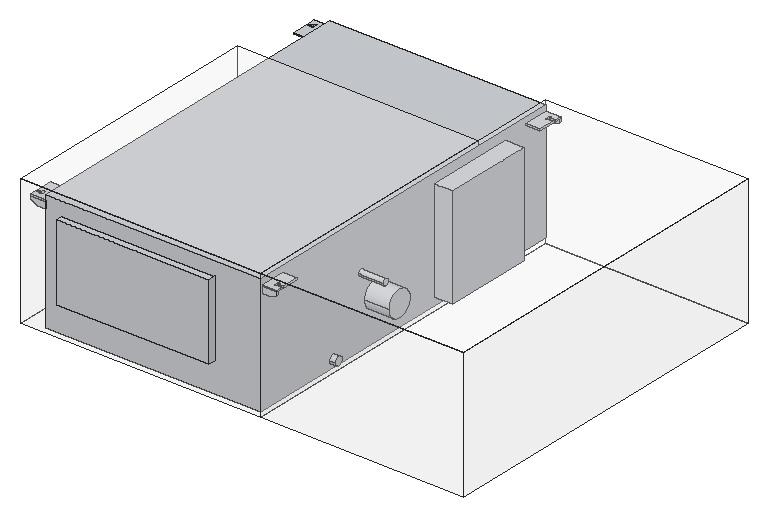
Revit family "ge-p1080_2100mg7_50Hz", category 機械設備, Revit 2019
Family settings
  丸型コネクタ寸法 = 直径を使用
  パーツ タイプ = 標準
  OmniClass 番号 = 23.75.10.24.21.27.27
  OmniClass タイトル = Split System Air Conditioning Units
  作業面ベース = いいえ
  常に垂直 = はい
  ロード時にボイドで切り取り = いいえ
  共有 = いいえ
  部屋計算ポイント = はい
Parameters (values of type "GE-P1080MG7")
  風量 = 1080.0 m³/h
  音響パワーレベル(dB) = 63
  電源種別 = ""
  電圧_電気ヒーター = 0 V
  電圧 = 200 V
  電動機出力_送風機 = 200 W
  運転質量 = 0.00 kg
  連動 = ""
  質量 = if(製品質量 > 運転質量, 製品質量, 運転質量) * 1.2  # 116.40 kg
  負荷分類 = 10_ファンコイル類
  説明 = "ビル用マルチエアコン 室内ユニット 天井埋込外気処理"
  設計暖房能力 [instance] = 0 kW
  設計冷房能力_顕熱 [instance] = 0 kW
  設計冷房能力 [instance] = 0 kW
  設置方法 = "天井吊形"
  記号 [instance] = ""
  製造元 = "三菱電機株式会社"
  製品質量 = 97.00 kg
  製品出荷対象 = "国内"
  製品リリース年月 = "2020年7月22日"
  製品グループ = ""
  給気量 = 0.0 m³/h
  系統 [instance] = ""
  符号 = "ACP-CIO"
  積算_科目 = "1 空気調和設備"
  積算_拾い区分 [instance] = ""
  相_電気ヒーター = 1
  相 = 1
  盤記号 [instance] = ""
  発停方法 = ""
  特殊仕様 [instance] = ""
  火災停止 = ""
  消費電力_電気ヒーター = 0 W
  消費電力_暖房 = 240 W
  消費電力_加湿器 = 0 W
  消費電力_冷房 = 240 W
  消費電力 = if(消費電力_冷房 > 消費電力_暖房, 消費電力_冷房, 消費電力_暖房) + 消費電力_加湿器 + 消費電力_電気ヒーター  # 240 W
  法定耐用年数 = "15"
  機外静圧 = 210.0 Pa
  極数 = 1
  材質 [instance] = ""
  本体マテリアル = none
  有効加湿量 = 8.3
  暖房能力 = 13.7 kW
  排気量 = 0.0 m³/h
  形式_加湿器 = ""
  形式 = "外気処理エアコン(天井吊形)"
  幹線記号 [instance] = ""
  始動方式 = "直入"
  外気量 = 0.0 m³/h
  呼称 = "室内機_外気処理エアコン(天井吊形)"
  周波数 = 50 Hz
  台数_手元リモコン [instance] = ""
  台数_冷媒分岐ユニット [instance] = ""
  参照している仕様書等のバージョン = "公共建築工事標準仕様書（機械設備工事編）平成31年度版"
  加湿給水管径 = 21.70 mm
  分類コード = "50053003221160"
  分類グループ = ""
  冷房能力 = 14 kW
  冷媒高低圧ガス管径 = 0.00 mm
  冷媒管径符号 = "Bd"
  冷媒管径 = 100.00 mm
  冷媒液管径 = 9.52 mm
  冷媒ガス管径 = 15.88 mm
  企業コード = "108420"
  付属品_フィルター = ""
  付属品 [instance] = ""
  仕様書バージョン = "Version1.0"
  モデル = "GE-P1080MG7"
  ドレン管径 = 32.00 mm
  ダクト2高 = 400 mm
  ダクト2幅 = 700 mm
  ダクト1高 = 300 mm
  ダクト1幅 = 600 mm
  コメント [instance] = ""
  Keynote = ""
  エンタルピ交換効率_暖房 [instance] = 0.00%
  エンタルピ交換効率_冷房 [instance] = 0.00%
  j = 25 mm  # constant formula
  h = 25 mm  # constant formula
  Width = 850 mm
  Version = ""
  Uniclass2015Version = "Systems v1.9"
  Uniclass2015Title = "Split coil remote air cooled condensing units"
  Uniclass2015Code = "Pr_70_65_03_84"
  URL = "https://www.mitsubishielectric.co.jp/ldg/wink/ssl/displayProduct.do?pid=307549"
  SpecificationReference = ""
  SpecificationDescription = ""
  Revision = ""
  ProductInformation = ""
  OmniClassCode = "23-33 17 13 11"
  L = 950 mm
  IfcTypeProduct = ""
  IfcProduct = ""
  IfcExportType = "AIRCONDITIONINGUNIT"
  IfcExportAs = "IfcUnitaryEquipmentType"
  Height = 470 mm
  Depth = 1400 mm
  Author = "三菱電機株式会社"
Types (3, lengths in mm): name | 風量 | 音響パワーレベル(dB) | 電動機出力_送風機 | 質量 | 製品質量 | 消費電力_暖房 | 消費電力_冷房 | 消費電力 | 機外静圧 | 有効加湿量 | 暖房能力 | 冷房能力 | 冷媒管径符号 | 冷媒ガス管径 | モデル | ダクト2幅 | ダクト1幅 | Width | URL | L
  GE-P1080MG7 | 1080.0 m³/h | 63 | 200 W | 116.40 kg | 97.00 kg | 240 W | 240 W | 240 W | 210.0 Pa | 8.3 | 13.7 kW | 14 kW | "Bd" | 15.88 | "GE-P1080MG7" | 700 | 600 | 850 | "https://www.mitsubishielectric.co.jp/ldg/wink/ssl/displayProduct.do?pid=307549" | 950
  GE-P1680MG7 | 1680.0 m³/h | 67 | 400 W | 136.80 kg | 114.00 kg | 420 W | 420 W | 420 W | 210.0 Pa | 13 | 21.2 kW | 22.4 kW | "Be" | 19.05 | "GE-P1680MG7" | 1100 | 1000 | 1250 | "https://www.mitsubishielectric.co.jp/ldg/wink/ssl/displayProduct.do?pid=307550" | 1350
  GE-P2100MG7 | 2100.0 m³/h | 71 | 400 W | 145.20 kg | 121.00 kg | 490 W | 490 W | 490 W | 170.0 Pa | 16.2 | 26.5 kW | 28 kW | "Bf" | 22.20 | "GE-P2100MG7" | 1100 | 1000 | 1250 | "https://www.mitsubishielectric.co.jp/ldg/wink/ssl/displayProduct.do?pid=307551" | 1350
Reference planes
  plane 1 "中心(正面/背面)": y = 0
  plane 2: z = 0
  plane 3 "中心(左/右)": x = 0
  plane 4 "左": x = -425
  plane 5 "右": x = 425
  plane 6 "正面": y = -700
  plane 7 "背面": y = 700
  plane 8: z = 470
  plane 9: z = 210
  plane 10: z = 153
  plane 11: z = 235
  plane 12: x = 625
  plane 13: x = -525
  plane 14: y = 370
  plane 15: y = -900
  plane 16: z = 490
  plane 17: z = -20
  plane 18: y = 725
  plane 19: y = -725
  plane 20: x = 1225
Lines and regions (mm)
  Masking region 1, detail levels coarse+medium
    outline origin (0, 0, 0) x (1, 0, 0) y (0, 1, 0)
      loop
        line (-425, 700) -> (-425, -700) -> (425, -700) -> (425, 700) -> (-425, 700)
  Masking region 2, detail levels coarse+medium
    outline origin (0, 0, 0) x (1, 0, 0) y (0, 1, 0)
      loop
        line (-425, 700) -> (-425, -700) -> (425, -700) -> (425, 700) -> (-425, 700)
  reference lines
    curve 1: line (0, 700, 0) -> (-425, 0, 0)
    curve 2: line (-425, 0, 0) -> (0, -700, 0)
    curve 3: line (425, 0, 0) -> (0, 700, 0)
    curve 4: line (0, -700, 0) -> (425, 0, 0)
  symbolic lines, detail levels coarse+medium
    curve 5: line (0, 700, 0) -> (-425, 0, 0)
    curve 6: line (-425, 0, 0) -> (0, -700, 0)
    curve 7: line (0, -700, 0) -> (425, 0, 0)
    curve 8: line (425, 0, 0) -> (0, 700, 0)
Dimensions and locks
  "Height": plane 8 to level
  equal spacing: plane 4 "左", plane 3 "中心(左/右)", plane 5 "右"
  "Width": plane 4 "左" to plane 5 "右"
  equal spacing: plane 6 "正面", plane 1 "中心(正面/背面)", plane 7 "背面"
  "Depth": plane 6 "正面" to plane 7 "背面"
  locked: plane 9 to level at 210
  locked: plane 10 to level at 153
  locked: plane 11 to level at 235
  locked: plane 16 to plane 8 at 20
  locked: plane 2 to plane 17 at 20
  locked: plane 6 "正面" to plane 14 at 1070
  "L": plane 13 to plane 5 "右"
  "h": plane 19 to plane 6 "正面"
  "j": plane 7 "背面" to plane 18
  locked: plane 12 to plane 20 at 600
  locked: plane 5 "右" to plane 20 at 800
  aligned and locked: level to plane 2
  aligned and locked: plane 6 "正面" to nested 2
  aligned and locked: plane 14 to nested 2
  aligned and locked: plane 16 to nested 3
  aligned and locked: plane 17 to nested 3
  aligned and locked: plane 16 to nested 2
  aligned and locked: plane 17 to nested 2
  aligned and locked: nested 1 to plane 1 "中心(正面/背面)"
  aligned and locked: plane 3 "中心(左/右)" to nested 1
  aligned and locked: plane 5 "右" to nested 2
  aligned and locked: plane 13 to nested 2
  aligned and locked: plane 7 "背面" to nested 3
  aligned and locked: plane 5 "右" to nested 3
  aligned and locked: plane 6 "正面" to nested 3
  aligned and locked: plane 20 to nested 3
Automatic sketch dimensions
  Masking region 1 sketch curve to plane 4 "左" = 0 mm
  Masking region 1 sketch curve to plane 5 "右" = 0 mm
  plane 6 "正面" to Masking region 1 sketch curve = 0 mm
  plane 7 "背面" to Masking region 1 sketch curve = 0 mm
  Masking region 2 sketch curve to plane 4 "左" = 0 mm
  Masking region 2 sketch curve to plane 5 "右" = 0 mm
  plane 6 "正面" to Masking region 2 sketch curve = 0 mm
  plane 7 "背面" to Masking region 2 sketch curve = 0 mm
  plane 1 "中心(正面/背面)" to curve 1 = 0 mm
  curve 1 to plane 4 "左" = 0 mm
  curve 2 to plane 3 "中心(左/右)" = 0 mm
  curve 3 to plane 3 "中心(左/右)" = 0 mm
  plane 1 "中心(正面/背面)" to curve 3 = 0 mm
  curve 3 to plane 5 "右" = 0 mm
  plane 6 "正面" to curve 2 = 0 mm
  plane 7 "背面" to curve 3 = 0 mm
  plane 1 "中心(正面/背面)" to curve 5 = 0 mm
  curve 5 to plane 4 "左" = 0 mm
  curve 6 to plane 3 "中心(左/右)" = 0 mm
  curve 8 to plane 3 "中心(左/右)" = 0 mm
  plane 1 "中心(正面/背面)" to curve 7 = 0 mm
  curve 7 to plane 5 "右" = 0 mm
  plane 6 "正面" to curve 6 = 0 mm
  plane 7 "背面" to curve 5 = 0 mm
Nested families
  nested 1: "GE-P-MG7" at (0, 0, 0) x (0, 1, 0) z (0, 0, 1), H <- "Height", 加湿器径 <- "加湿給水管径", D <- "Width", W <- "Depth", type "GE-P-MG7"
    with 配管径 100 mm, 液径 9.52 mm, 液W 96 mm, 液H 40 mm, 液D 100 mm, 吊りボルトW 1338 mm, 吊りボルトH 20 mm, 吊りボルトD 925 mm, 加湿器径 21.7 mm, 加湿器W 488 mm, 加湿器H 280 mm, 加湿器D 100 mm, ドレン径 32 mm, ドレンW 350 mm, ドレンH 35 mm, ドレンD 25 mm, ガス径 15.88 mm, ガスW 604 mm, ガスH 155 mm, ガスD 100 mm, W 1400 mm, J ダクトW 700 mm, J ダクトH 400 mm, H 470 mm, G ダクトW 600 mm, G ダクトH 300 mm, D 850 mm, C 985 mm
  nested 2: "サービススペース(GE-P-MG7)" at (-50, -165, 235), type "サービススペース(GE-P-MG7)"
    with Width 950 mm, Height 510 mm, Depth 1070 mm
  nested 3: "サービススペース(GE-P-MG7)" at (825, 0, 235), type "サービススペース(GE-P-MG7)"
    with Width 800 mm, Height 510 mm, Depth 1400 mm
Connectors
  hvac at (0, 725, 235), driven by "ダクト2高", driven by "ダクト2幅", driven by "機外静圧", driven by "外気量"
    settings: on nested 1, index 8, duct flow 0.0 m³/h, flow factor 0, pres drop 210.0 Pa, loss coef 0, conn angle 0.00°, conn width 700 mm, conn height 400 mm, conn diameter 609.6 mm, duct sys type 1, conn prof type 1, flow config 1, flow direction 1, loss method 4, conn ref index -1, conn util no, is conn primary yes, conn desc "OA"
  hvac at (-60, -725, 265), driven by "ダクト1高", driven by "ダクト1幅", driven by "機外静圧", driven by "給気量"
    settings: on nested 1, index 9, duct flow 0.0 m³/h, flow factor 0, pres drop 210.0 Pa, loss coef 0, conn angle 0.00°, conn width 600 mm, conn height 300 mm, conn diameter 609.6 mm, duct sys type 3, conn prof type 1, flow config 1, flow direction 2, loss method 4, conn ref index -1, conn util no, is conn primary no, conn desc "SA"
  electrical at (499.5, 324, 235), driven by "極数", driven by "負荷分類", driven by "電圧", driven by "消費電力"
    settings: on nested 1, index 10, voltage 200 V, apparent load 240 VA, apparent load phase1 0 VA, apparent load phase2 0 VA, apparent load phase3 0 VA, power factor 1, load classification "10_ファンコイル類", number of poles 1, system type 30, power factor state 1, is connector primary yes, connector utility no, sub classification motor no, connector description ""
  piping at (525, -144, 175), diameter 100, driven by "冷媒管径", driven by "冷媒管径符号"
    settings: on nested 1, index 11, connector inside diameter 609.60 mm, connector length 0 mm, flow factor 0, pipe flow 0.0 L/s, pressure drop 0.0 Pa, fitting loss kfactor 0, connector angle 0.00°, fixture units 0, engagement length 0 mm, angle of deflection 0.00°, flow configuration 1, flow direction 1, fitting loss method 4, system type 7, joint type 0, gender type 0, connector reference index -1, connector utility 0, adjustable connector no, is connector primary yes, connector description "Bd"
  piping at (450, -350, 35), diameter 32, driven by "ドレン管径"
    settings: on nested 1, index 12, connector inside diameter 609.60 mm, connector length 0 mm, flow factor 0, pipe flow 0.0 L/s, pressure drop 0.0 Pa, fitting loss kfactor 0, connector angle 0.00°, fixture units 0, engagement length 0 mm, angle of deflection 0.00°, flow configuration 1, flow direction 2, fitting loss method 4, system type 16, joint type 0, gender type 0, connector reference index -1, connector utility 0, adjustable connector no, is connector primary no, connector description ""
  piping at (525, -212, 280), diameter 21.7, driven by "加湿給水管径"
    settings: on nested 1, index 13, connector inside diameter 609.60 mm, connector length 0 mm, flow factor 0, pipe flow 0.0 L/s, pressure drop 0.0 Pa, fitting loss kfactor 0, connector angle 0.00°, fixture units 0, engagement length 0 mm, angle of deflection 0.00°, flow configuration 1, flow direction 1, fitting loss method 4, system type 20, joint type 0, gender type 0, connector reference index -1, connector utility 0, adjustable connector no, is connector primary no, connector description ""
Definition of nested family "GE-P-MG7"
  Parameters (values of type "GE-P-MG7")
    加湿器径 [instance] = 6.4 mm
    加湿器W [instance] = 488 mm  # constant formula
    加湿器H [instance] = 280 mm  # constant formula
    加湿器D [instance] = 100 mm  # constant formula
    液径 [instance] = 9.52 mm
    吊りボルトW [instance] = 1338 mm  # constant formula
    吊りボルトH [instance] = 20 mm  # constant formula
    吊りボルトD [instance] = if(D = 850 mm, 925 mm, 1325 mm)  # 925 mm
    配管径 [instance] = 100 mm  # constant formula
    液W [instance] = 96 mm  # constant formula
    液H [instance] = 40 mm  # constant formula
    液D [instance] = 100 mm  # constant formula
    ドレン径 [instance] = 32 mm
    ドレンW [instance] = 350 mm  # constant formula
    ドレンH [instance] = 35 mm  # constant formula
    ドレンD [instance] = 25 mm  # constant formula
    J ダクトW [instance] = if(D = 850 mm, 700 mm, 1100 mm)  # 700 mm
    J ダクトH [instance] = 400 mm  # constant formula
    ガス径 [instance] = 15.88 mm
    ガスW [instance] = 604 mm  # constant formula
    ガスH [instance] = 155 mm  # constant formula
    ガスD [instance] = 100 mm  # constant formula
    W [instance] = 1400 mm
    H [instance] = 470 mm
    G ダクトW [instance] = if(D = 850 mm, 600 mm, 1000 mm)  # 600 mm
    G ダクトH [instance] = 300 mm  # constant formula
    D [instance] = 850 mm
    C [instance] = if(D = 850 mm, 985 mm, 1385 mm)  # 985 mm
  Reference planes
    plane 1 "中心(正面/背面)": y = 0
    plane 2: z = 0
    plane 3 "中心(左/右)": x = 0
    plane 4: x = -700
    plane 5: x = 700
    plane 6: y = 425
    plane 7: y = -425
    plane 8: z = 470
    plane 9: y = 462.5
    plane 10: y = -462.5
    plane 11: x = -669
    plane 12: x = 669
    plane 13: y = 485.5
    plane 14: y = -485.5
    plane 15: x = -699
    plane 16: x = 699
    plane 17: x = 599
    plane 18: x = -599
    plane 19: z = 450
    plane 20: z = 420
    plane 21: z = 445
    plane 22: x = -694
    plane 23: x = 694
    plane 24: x = -350
    plane 25: x = -96
    plane 26: x = -192
    plane 27: y = -499.5
    plane 28: x = 499
    plane 29: x = 149
    plane 30: y = -450
    plane 31: z = 35
    plane 32: y = -525
    plane 33: z = 155
    plane 34: z = 195
    plane 35: x = -144
    plane 36: z = 175
    plane 37: x = -212
    plane 38: z = 280
    plane 39: x = 725
    plane 40: x = -725
    plane 41: y = -240
    plane 42: y = 360
    plane 43: z = 115
    plane 44: z = 415
    plane 45: y = 350
    plane 46: y = -350
    plane 47: z = 435
  Forms (mm)
    Extrusion 1, solid, detail levels fine
      sketch origin (0, 0, 0) x (1, 0, 0) y (0, 1, 0)
        loop
          line (-700, 425) -> (-700, -425) -> (700, -425) -> (700, 425) -> (-700, 425)
      from 0 to 470
    Extrusion 2, solid, detail levels fine
      sketch origin (0, 0, 0) x (1, 0, 0) y (0, 1, 0)
        loop
          line (-699, 485.5) -> (-699, 425) -> (-599, 425) -> (-599, 485.5) -> (-664, 485.5) -> (-664, 467.5)
          arc (-664, 467.5) -> (-659, 462.5) -> (-664, 457.5) r 5
          line (-664, 457.5) -> (-674, 457.5)
          arc (-674, 457.5) -> (-679, 462.5) -> (-674, 467.5) r 5
          line (-674, 467.5) -> (-674, 485.5) -> (-699, 485.5)
        loop
          line (599, 485.5) -> (599, 425) -> (699, 425) -> (699, 485.5) -> (674, 485.5) -> (674, 467.5)
          arc (674, 467.5) -> (679, 462.5) -> (674, 457.5) r 5
          line (674, 457.5) -> (664, 457.5)
          arc (664, 457.5) -> (659, 462.5) -> (664, 467.5) r 5
          line (664, 467.5) -> (664, 485.5) -> (599, 485.5)
        loop
          line (599, -485.5) -> (664, -485.5) -> (664, -467.5)
          arc (664, -467.5) -> (659, -462.5) -> (664, -457.5) r 5
          line (664, -457.5) -> (674, -457.5)
          arc (674, -457.5) -> (679, -462.5) -> (674, -467.5) r 5
          line (674, -467.5) -> (674, -485.5) -> (699, -485.5) -> (699, -425) -> (599, -425) -> (599, -485.5)
        loop
          line (-699, -485.5) -> (-674, -485.5) -> (-674, -467.5)
          arc (-674, -467.5) -> (-679, -462.5) -> (-674, -457.5) r 5
          line (-674, -457.5) -> (-664, -457.5)
          arc (-664, -457.5) -> (-659, -462.5) -> (-664, -467.5) r 5
          line (-664, -467.5) -> (-664, -485.5) -> (-599, -485.5) -> (-599, -425) -> (-699, -425) -> (-699, -485.5)
      from 445 to 450
    Extrusion 3, solid, detail levels fine
      sketch origin (0, 0, 0) x (0, 1, 0) y (0, 0, 1)
        loop
          line (425, 445) -> (425, 420) -> (455.25, 420) -> (485.5, 432.5) -> (485.5, 445) -> (425, 445)
        loop
          line (-485.5, 445) -> (-485.5, 432.5) -> (-455.25, 420) -> (-425, 420) -> (-425, 445) -> (-485.5, 445)
      from 694 to 699
    Extrusion 4, solid, detail levels fine
      sketch origin (0, 0, 0) x (0, 1, 0) y (0, 0, 1)
        loop
          line (-485.5, 432.5) -> (-455.25, 420) -> (-425, 420) -> (-425, 445) -> (-485.5, 445) -> (-485.5, 432.5)
        loop
          line (455.25, 420) -> (485.5, 432.5) -> (485.5, 445) -> (425, 445) -> (425, 420) -> (455.25, 420)
      from -699 to -694
    Extrusion 5, solid, detail levels fine
      sketch origin (0, 0, 0) x (1, 0, 0) y (0, 0, 1)
        loop
          circle (-350, 35) r 16
      from 425 to 450
    Extrusion 6, solid, detail levels fine
      sketch origin (0, 0, 0) x (1, 0, 0) y (0, 0, 1)
        loop
          circle (-144, 175) r 50
      from 425 to 525
    Extrusion 7, solid, detail levels fine
      sketch origin (0, 0, 0) x (1, 0, 0) y (0, 0, 1)
        loop
          circle (-212, 280) r 3.2
      from 425 to 525
    Extrusion 8, solid, detail levels fine
      sketch origin (0, 0, 0) x (0, 1, 0) y (0, 0, 1)
        loop
          line (360, 415) -> (-240, 415) -> (-240, 115) -> (360, 115) -> (360, 415)
      from -725 to -700
    Extrusion 9, solid, detail levels fine
      sketch origin (0, 0, 0) x (0, 1, 0) y (0, 0, 1)
        loop
          line (-350, 435) -> (-350, 35) -> (350, 35) -> (350, 435) -> (-350, 435)
      from 700 to 725
    Extrusion 10, solid, detail levels fine
      sketch origin (0, 0, 0) x (1, 0, 0) y (0, 0, 1)
        loop
          line (499, 435) -> (149, 435) -> (149, 35) -> (499, 35) -> (499, 435)
      from 425 to 499.5
  Dimensions and locks
    equal spacing: plane 7, plane 1 "中心(正面/背面)", plane 6
    "D": plane 7 to plane 6
    equal spacing: plane 4, plane 3 "中心(左/右)", plane 5
    "W": plane 4 to plane 5
    "H": plane 8 to level
    equal spacing: plane 10, plane 1 "中心(正面/背面)", plane 9
    "吊りボルトD": plane 10 to plane 9
    equal spacing: plane 11, plane 3 "中心(左/右)", plane 12
    "吊りボルトW": plane 11 to plane 12
    locked: plane 9 to plane 13 at 23
    locked: plane 14 to plane 10 at 23
    locked: plane 12 to plane 16 at 30
    locked: plane 15 to plane 11 at 30
    locked: plane 11 to plane 18 at 70
    locked: plane 17 to plane 12 at 70
    plane 8 to plane 19 to plane 20 = 20 mm locked, 30 mm locked
    locked: plane 23 to plane 16 at 5
    locked: plane 15 to plane 22 at 5
    locked: plane 19 to plane 21 at 5
    "ドレンW": plane 24 to plane 4
    "ガスW": plane 25 to plane 4
    "液W": plane 25 to plane 26
    "C": plane 27 to plane 13
    locked: plane 28 to plane 29 at 350
    plane 5 to plane 28 = 201 mm
    "ドレンD": plane 30 to plane 7
    "ドレンH": plane 31 to level
    "ガスD": plane 32 to plane 7
    "ガスH": plane 33 to level
    "液H": plane 34 to plane 33
    equal spacing: plane 25, plane 35, plane 26
    equal spacing: plane 34, plane 36, plane 33
    "加湿器W": plane 37 to plane 4
    "加湿器H": plane 38 to level
    locked: plane 40 to plane 4 at 25
    locked: plane 5 to plane 39 at 25
    locked: plane 7 to plane 41 at 185
    "G ダクトW": plane 41 to plane 42
    locked: plane 43 to level at 115
    "G ダクトH": plane 44 to plane 43
    equal spacing: plane 46, plane 1 "中心(正面/背面)", plane 45
    "J ダクトW": plane 46 to plane 45
    "J ダクトH": plane 47 to plane 31
    "ドレン径": diameter of Extrusion 5 sketch curve
    "配管径": diameter of Extrusion 6 sketch curve
    "加湿器径": diameter of Extrusion 7 sketch curve
    aligned and locked: level to plane 2
    aligned and locked: plane 6 to Extrusion 1 sketch curve
    aligned and locked: plane 4 to Extrusion 1 sketch curve
    aligned and locked: Extrusion 1 sketch curve to plane 7
    aligned and locked: Extrusion 1 sketch curve to plane 5
    aligned and locked: plane 8 to Extrusion 1
    aligned and locked: plane 13 to Extrusion 2 sketch curve  (x4)
    aligned and locked: plane 15 to Extrusion 2 sketch curve
    aligned and locked: Extrusion 2 sketch curve to plane 6  (x2)
    aligned and locked: Extrusion 2 sketch curve to plane 18
    aligned and locked: plane 17 to Extrusion 2 sketch curve
    aligned and locked: Extrusion 2 sketch curve to plane 16
    aligned and locked: plane 14 to Extrusion 2 sketch curve  (x4)
    aligned and locked: Extrusion 2 sketch curve to plane 17
    aligned and locked: Extrusion 2 sketch curve to plane 7  (x2)
    aligned and locked: plane 16 to Extrusion 2 sketch curve
    aligned and locked: Extrusion 2 sketch curve to plane 15
    aligned and locked: plane 18 to Extrusion 2 sketch curve
    aligned and locked: plane 9 to Extrusion 2 sketch curve  (x4)
    aligned and locked: plane 10 to Extrusion 2 sketch curve  (x4)
    aligned and locked: plane 19 to Extrusion 2
    aligned and locked: Extrusion 2 to plane 21
    aligned and locked: Extrusion 2 to Extrusion 3 sketch curve
    aligned and locked: Extrusion 3 sketch curve to Extrusion 2  (x3)
    aligned and locked: plane 20 to Extrusion 3 sketch curve  (x2)
    aligned and locked: plane 13 to Extrusion 3 sketch curve
    aligned and locked: plane 7 to Extrusion 3 sketch curve
    aligned and locked: plane 16 to Extrusion 3
    aligned and locked: Extrusion 3 to plane 23
    aligned and locked: Extrusion 4 sketch curve to Extrusion 3  (x10)
    aligned and locked: plane 22 to Extrusion 4
    aligned and locked: Extrusion 4 to plane 15
    aligned and locked: plane 31 to Extrusion 5 sketch curve
    aligned and locked: plane 24 to Extrusion 5 sketch curve
    aligned and locked: Extrusion 5 to plane 7
    aligned and locked: plane 30 to Extrusion 5
    aligned and locked: plane 35 to Extrusion 6 sketch curve
    aligned and locked: plane 36 to Extrusion 6 sketch curve
    aligned and locked: plane 32 to Extrusion 6
    aligned and locked: Extrusion 6 to plane 7
    aligned and locked: plane 37 to Extrusion 7 sketch curve
    aligned and locked: plane 38 to Extrusion 7 sketch curve
    aligned and locked: plane 32 to Extrusion 7
    aligned and locked: Extrusion 7 to plane 7
    aligned and locked: plane 44 to Extrusion 8 sketch curve
    aligned and locked: Extrusion 8 sketch curve to plane 42
    aligned and locked: Extrusion 8 sketch curve to plane 43
    aligned and locked: plane 41 to Extrusion 8 sketch curve
    aligned and locked: plane 4 to Extrusion 8
    aligned and locked: Extrusion 8 to plane 40
    aligned and locked: Extrusion 9 sketch curve to plane 47
    aligned and locked: Extrusion 9 sketch curve to plane 46
    aligned and locked: plane 31 to Extrusion 9 sketch curve
    aligned and locked: plane 45 to Extrusion 9 sketch curve
    aligned and locked: plane 39 to Extrusion 9
    aligned and locked: Extrusion 9 to plane 5
    aligned and locked: plane 47 to Extrusion 10 sketch curve
    aligned and locked: plane 28 to Extrusion 10 sketch curve
    aligned and locked: Extrusion 10 sketch curve to plane 31
    aligned and locked: Extrusion 10 sketch curve to plane 29
    aligned and locked: plane 27 to Extrusion 10
    aligned and locked: Extrusion 10 to plane 7
    aligned and locked: plane 10 to nested 1
    aligned and locked: plane 11 to nested 1
    aligned and locked: plane 12 to nested 1
    aligned and locked: nested 1 to plane 9
  Automatic sketch dimensions
    Extrusion 2 sketch curve to plane 11 = 5 mm  (x4)
    plane 11 to Extrusion 2 sketch curve = 5 mm  (x3)
    Extrusion 2 sketch curve to plane 12 = 5 mm  (x4)
    plane 12 to Extrusion 2 sketch curve = 5 mm  (x4)
    Extrusion 2 sketch curve to plane 10 = 5 mm
    plane 9 to Extrusion 2 sketch curve = 5 mm  (x2)
    Extrusion 2 sketch curve to Extrusion 2 sketch curve = 0 mm
    plane 10 to Extrusion 2 sketch curve = 5 mm
    plane 9 to Extrusion 3 sketch curve = 7.25 mm
    plane 20 to Extrusion 3 sketch curve = 12.5 mm
    Extrusion 3 sketch curve to plane 10 = 7.25 mm
    Extrusion 3 sketch curve to Extrusion 3 sketch curve = 12.5 mm
  Nested families
    nested 1: "固定点" at (-669, -462.5, 0), type "固定点", detail levels fine
      with W 1338 mm, D 925 mm
  Definition of nested family "固定点"
    Parameters (values of type "固定点")
      中心円 = 20 mm
      W [instance] = 1000 mm
      D [instance] = 1000 mm
    Reference planes
      plane 1 "中心(正面/背面)": y = 0
      plane 2: z = 0
      plane 3 "中心(左/右)": x = 0
      plane 4: x = 1000
      plane 5: y = 1000
    Lines and regions (mm)
      symbolic lines, detail levels fine
        curve 1: circle (0, 1000, 0) r 10 normal (0, 0, 1)
        curve 2: circle (0, 0, 0) r 10 normal (0, 0, 1)
        curve 3: circle (1000, 1000, 0) r 10 normal (0, 0, 1)
        curve 4: circle (1000, 0, 0) r 10 normal (0, 0, 1)
        curve 5: line (-200, 1000, 0) -> (1200, 1000, 0)
        curve 6: line (-200, 0, 0) -> (1200, 0, 0)
        curve 7: line (0, 1200, 0) -> (0, -200, 0)
        curve 8: line (1000, 1200, 0) -> (1000, -200, 0)
    Dimensions and locks
      "W": plane 3 "中心(左/右)" to plane 4
      "D": plane 1 "中心(正面/背面)" to plane 5
      "中心円": diameter of curve 1
      "中心円": diameter of curve 2
      "中心円": diameter of curve 3
      "中心円": diameter of curve 4
      aligned and locked: level to plane 2
      aligned and locked: plane 5 to curve 1
      aligned and locked: plane 3 "中心(左/右)" to curve 1
      aligned and locked: plane 3 "中心(左/右)" to curve 2
      aligned and locked: plane 1 "中心(正面/背面)" to curve 2
      aligned and locked: plane 4 to curve 3
      aligned and locked: plane 5 to curve 3
      aligned and locked: plane 1 "中心(正面/背面)" to curve 4
      aligned and locked: plane 4 to curve 4
      aligned and locked: plane 1 "中心(正面/背面)" to curve 6
      aligned and locked: curve 7 to plane 3 "中心(左/右)"
      aligned and locked: curve 8 to plane 4
    Automatic sketch dimensions
      curve 5 to plane 5 = 0 mm
      curve 6 to plane 3 "中心(左/右)" = 200 mm
      curve 5 to plane 3 "中心(左/右)" = 200 mm
      curve 4 to curve 6 = 200 mm
      curve 3 to curve 5 = 200 mm
      plane 1 "中心(正面/背面)" to curve 8 = 200 mm
      plane 1 "中心(正面/背面)" to curve 7 = 200 mm
      curve 3 to curve 8 = 200 mm
      curve 1 to curve 7 = 200 mm
Definition of nested family "サービススペース(GE-P-MG7)"
  Parameters (values of type "サービススペース")
    Width [instance] = 500 mm
    Height [instance] = 500 mm
    Depth [instance] = 500 mm
  Reference planes
    plane 1 "中心(正面/背面)": y = 0
    plane 2: z = 0
    plane 3 "中心(左/右)": x = 0
    plane 4: y = -250
    plane 5: x = 250
    plane 6: y = 250
    plane 7: x = -250
    plane 8: z = 250
    plane 9: z = -250
  Forms (mm)
    Extrusion 1, solid
      sketch origin (-638.939, 0, 72.39) x (1, 0, 0) y (0, 1, 0)
        loop
          line (388.939, 250) -> (388.939, -250) -> (888.939, -250) -> (888.939, 250) -> (388.939, 250)
      from -322.39 to 177.61
  Lines and regions (mm)
    symbolic lines
      curve 1: line (-250, 0, 250) -> (250, 0, 250)
      curve 2: line (-250, 0, -250) -> (-250, 0, 250)
      curve 3: line (250, 0, -250) -> (-250, 0, -250)
      curve 4: line (250, 0, 250) -> (250, 0, -250)
      curve 5: line (0, -250, 250) -> (0, 250, 250)
      curve 6: line (0, -250, -250) -> (0, -250, 250)
      curve 7: line (0, 250, -250) -> (0, -250, -250)
      curve 8: line (0, 250, 250) -> (0, 250, -250)
      curve 9: line (-250, 250, 0) -> (250, 250, 0)
      curve 10: line (-250, -250, 0) -> (-250, 250, 0)
      curve 11: line (250, -250, 0) -> (-250, -250, 0)
      curve 12: line (250, 250, 0) -> (250, -250, 0)
  Dimensions and locks
    equal spacing: plane 7, plane 3 "中心(左/右)", plane 5
    equal spacing: plane 4, plane 1 "中心(正面/背面)", plane 6
    "Depth": plane 4 to plane 6
    "Width": plane 7 to plane 5
    equal spacing: plane 8, plane 2, plane 9
    "Height": plane 8 to plane 9
    aligned and locked: plane 9 to curve 3
    aligned and locked: plane 7 to curve 2
    aligned and locked: curve 4 to plane 5
    aligned and locked: plane 5 to Extrusion 1
    aligned and locked: Extrusion 1 to plane 7
    aligned and locked: Extrusion 1 to plane 9
    aligned and locked: plane 8 to Extrusion 1
    aligned and locked: plane 9 to curve 7
  Automatic sketch dimensions
    plane 4 to Extrusion 1 sketch curve = 0 mm
    Extrusion 1 sketch curve to plane 7 = 0 mm
    Extrusion 1 sketch curve to plane 5 = 0 mm
    plane 6 to Extrusion 1 sketch curve = 0 mm
    curve 2 to plane 8 = 0 mm
    plane 4 to curve 11 = 0 mm
    curve 11 to plane 7 = 0 mm
    curve 11 to plane 5 = 0 mm
    plane 6 to curve 10 = 0 mm
    curve 7 to plane 4 = 0 mm
    curve 7 to plane 6 = 0 mm
    curve 6 to plane 8 = 0 mm
